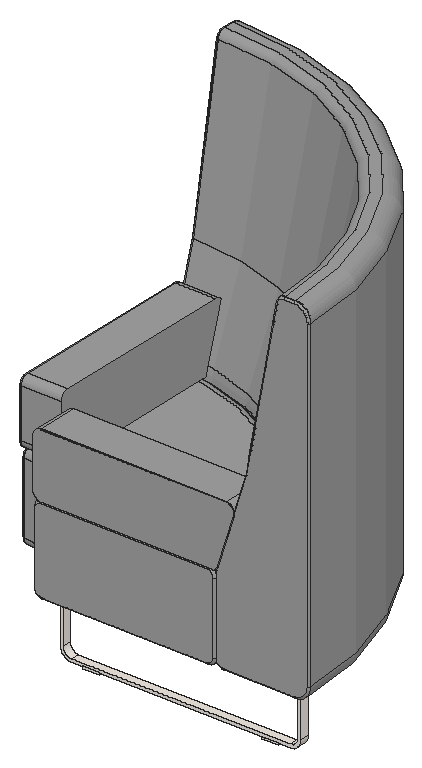
Revit family "Haworth_Riverbend_ConcaveCurve90_EU_PRELIMINARY", category Furniture, Revit 2018 (continued)
Definition of nested family "Haworth_Riverbend_ConcaveBench90_Back-PART"
  Reference planes (cm)
    plane 12 "Leg Bracket - Bottom": z = 17.78
    plane 13 "Leg Bottom - Top of Bottom": z = 1.5875
    plane 14 "Foot - Top of Foot": z = 0.635
    plane 15 "Bench Frame - Inner Concave Tangent Edge No 1": y = -69.2019
    plane 16 "Bench Frame - Inner Concave Tangent Edge No 2": x = -34.3482
    plane 17 "Bench Frame - Outer Concave Tangent Edge No 1": y = 16.7981
    plane 18 "Bench Frame - Outer Concave Tangent Edge No 2": x = 51.6518
    plane 19 "Bench Frame - Center Side No 1": y = -26.2019
    plane 20 "Bench Frame - Center Side No 2": x = 8.6518
    plane 21 "Bench Frame - Straight Edge No 2": y = -86.9819
    plane 22 "Bench Frame - Straight Edge No 1": x = -52.1282
    plane 23 "Left Leg - Back of Leg Bracket": y = 10.1334
    plane 24 "Center Leg - Back of Leg Bracket": through (-139.7206, 138.259, 121.92) normal (0.7071, 0.7071, 0)
    plane 25 "Right Leg - Back of Leg Bracket": x = 44.9871
    plane 26 "Left Leg - Front of Leg Bracket": y = -64.7169
    plane 27 "Right Leg - Front of Leg Bracket": x = -29.8635
    plane 28 "Center Leg - Front of Leg Bracket": through (-8.4793, -41.4757, 121.92) normal (0.7071, 0.7071, 0)
    plane 29: through (-170.5143, 49.6713, 121.92) normal (-0.7071, 0.7071, 0)
    plane 30 "Left - Top of Chamfer Edge": x = -51.4932
    plane 31 "Right - Top of Chamfer Edge": y = -86.3469
    plane 32 "Leg Left - Left of Leg Bracket": x = -48.1694
    plane 33 "Right Left - Right of Leg Bracket": y = -83.0231
    plane 34: through (12.7455, -15.5542, 121.92) normal (0.7071, 0.7071, 0)
    plane 35: y = 4.1009
    plane 36: y = 3.1409
    plane 37: y = -1.9391
    plane 38: y = 9.1809
    plane 39: y = -52.6441
    plane 40: y = -57.7241
    plane 41: y = -58.6841
    plane 42: y = -63.7641
    plane 43: through (-7.7752, -40.8329, 121.92) normal (-0.7071, -0.7071, 0)
    plane 44: through (-4.1831, -37.2408, 121.92) normal (-0.7071, -0.7071, 0)
    plane 45: through (-3.5042, -36.5619, 121.92) normal (-0.7071, -0.7071, 0)
    plane 46: through (0.0879, -32.9698, 121.92) normal (-0.7071, -0.7071, 0)
    plane 47: through (7.2615, -25.7962, 121.92) normal (-0.7071, -0.7071, 0)
    plane 48: through (10.8536, -22.2041, 121.92) normal (-0.7071, -0.7071, 0)
    plane 49: through (11.5324, -21.5253, 121.92) normal (-0.7071, -0.7071, 0)
    plane 50: x = -28.9104
    plane 51: x = -23.8304
    plane 52: x = -22.8704
    plane 53: x = -17.7904
    plane 54: x = 32.9146
    plane 55: x = 37.9946
    plane 56: x = 38.9546
    plane 57: x = 44.0346
    plane 58: x = -45.6294
    plane 59: y = -80.4831
    plane 60: through (15.798, -17.2597, 121.92) normal (-0.7071, 0.7071, 0)
    plane 61: through (17.594, -19.0557, 121.92) normal (-0.7071, 0.7071, 0)
    plane 62: x = -42.1369
    plane 63: through (0.0825, -41.5064, 121.92) normal (0.7071, -0.7071, 0)
    plane 64: y = -76.9906
    plane 65: y = 14.6181
    plane 66: y = -7.2874
    plane 67: y = 14.6181
  Forms (cm)
    Blend 1, solid, material <- "Back Upholstery Finish", visible <- "Mid Back"
      base sketch origin (-84.455, 36.6279, -16.9305) x (0, -1, 0) y (0, 0, 1)
        loop
          arc (27.0098, 97.8505) -> (21.9328, 95.7475) -> (19.8298, 90.6705) r 7.18
          line (19.8298, 90.6705) -> (19.8298, 40.0655)
          arc (19.8298, 40.0655) -> (21.2123, 36.728) -> (24.5498, 35.3455) r 4.72
          line (24.5498, 35.3455) -> (46.5714, 35.3455)
          arc (46.5714, 35.3455) -> (48.3674, 36.0895) -> (49.1114, 37.8855) r 2.54
          line (49.1114, 37.8855) -> (49.1114, 61.7447)
          arc (49.1114, 61.7447) -> (48.8857, 63.6186) -> (48.4326, 65.4509) r 15.413
          line (48.4326, 65.4509) -> (40.0608, 96.0356)
          arc (40.0608, 96.0356) -> (37.8416, 97.3815) -> (35.289, 97.8505) r 7.1806
          line (35.289, 97.8505) -> (27.0098, 97.8505)
      top sketch origin (-84.455, 36.6279, -16.9305) x (0, -1, 0) y (0, 0, 1)
        loop
          line (35.289, 97.2155) -> (27.0098, 97.2155)
          arc (27.0098, 97.2155) -> (22.3818, 95.2985) -> (20.4648, 90.6705) r 6.545
          line (20.4648, 90.6705) -> (20.4648, 40.0655)
          arc (20.4648, 40.0655) -> (21.6613, 37.177) -> (24.5498, 35.9805) r 4.085
          line (24.5498, 35.9805) -> (46.7535, 35.9805)
          arc (46.7535, 35.9805) -> (48.1006, 36.5385) -> (48.6585, 37.8855) r 1.905
          line (48.6585, 37.8855) -> (48.6585, 62.6065) -> (39.4549, 95.7187)
          arc (39.4549, 95.7187) -> (37.5023, 96.83) -> (35.289, 97.2155) r 6.5456
      from -32.9618 to -32.3268
    Blend 2, solid, material <- "Back Upholstery Finish", visible <- "High Back"
      base sketch origin (-155.081, 41.0729, -16.9305) x (0, -1, 0) y (0, 0, 1)
        loop
          line (24.2748, 141.2935) -> (24.2748, 40.0655)
          arc (24.2748, 40.0655) -> (25.6573, 36.728) -> (28.9948, 35.3455) r 4.72
          line (28.9948, 35.3455) -> (51.0164, 35.3455)
          arc (51.0164, 35.3455) -> (52.8124, 36.0895) -> (53.5564, 37.8855) r 2.54
          line (53.5564, 37.8855) -> (53.5564, 61.7447)
          arc (53.5564, 61.7447) -> (53.3307, 63.6186) -> (52.8776, 65.4509) r 15.413
          line (52.8776, 65.4509) -> (44.3782, 92.5723) -> (34.8261, 143.9973)
          arc (34.8261, 143.9973) -> (33.9243, 145.5141) -> (32.2636, 146.1105) r 2.6102
          line (32.2636, 146.1105) -> (29.0918, 146.1105)
          arc (29.0918, 146.1105) -> (25.6857, 144.6996) -> (24.2748, 141.2935) r 4.817
      top sketch origin (-155.081, 41.0729, -16.9305) x (0, -1, 0) y (0, 0, 1)
        loop
          arc (29.0918, 145.4755) -> (26.1347, 144.2506) -> (24.9098, 141.2935) r 4.182
          line (24.9098, 141.2935) -> (24.9098, 40.0655)
          arc (24.9098, 40.0655) -> (26.1063, 37.177) -> (28.9948, 35.9805) r 4.085
          line (28.9948, 35.9805) -> (51.1985, 35.9805)
          arc (51.1985, 35.9805) -> (52.5456, 36.5385) -> (53.1035, 37.8855) r 1.905
          line (53.1035, 37.8855) -> (53.1035, 62.6065) -> (43.7616, 92.4164) -> (34.2027, 143.8764)
          arc (34.2027, 143.8764) -> (33.5203, 145.0242) -> (32.2636, 145.4755) r 1.9752
          line (32.2636, 145.4755) -> (29.0918, 145.4755)
      from -103.5878 to -102.9528
    Revolve 3, solid, material <- "Back Upholstery Finish", visible <- "Mid Back"
      sketch origin (-51.4932, 0, 0) x (0, 1, 0) y (0, 0, 1)
        loop
          arc (16.7981, 73.74) -> (14.6951, 78.817) -> (9.6181, 80.92) r 7.18
          line (9.6181, 80.92) -> (1.3389, 80.92)
          arc (1.3389, 80.92) -> (-1.2138, 80.451) -> (-3.4329, 79.1051) r 7.1806
          line (-3.4329, 79.1051) -> (-11.8047, 48.5204)
          arc (-11.8047, 48.5204) -> (-12.2578, 46.6881) -> (-12.4835, 44.8142) r 15.413
          line (-12.4835, 44.8142) -> (-12.4835, 20.955)
          arc (-12.4835, 20.955) -> (-11.7396, 19.1589) -> (-9.9435, 18.415) r 2.54
          line (-9.9435, 18.415) -> (12.0781, 18.415)
          arc (12.0781, 18.415) -> (15.4156, 19.7975) -> (16.7981, 23.135) r 4.72
          line (16.7981, 23.135) -> (16.7981, 73.74)
        axis (-86.3469, 80.92) -> (-86.3469, 18.415)
      angle from 0 to -90
    Blend 4, solid, material <- "Back Upholstery Finish", visible <- "Mid Back"
      base sketch origin (71.4816, -119.3087, -16.9305) x (-1, 0, 0) y (0, 0, -1)
        loop
          line (27.0098, -97.8505) -> (35.289, -97.8505)
          arc (35.289, -97.8505) -> (37.8416, -97.3815) -> (40.0608, -96.0356) r 7.1806
          line (40.0608, -96.0356) -> (48.4326, -65.4509)
          arc (48.4326, -65.4509) -> (48.8857, -63.6186) -> (49.1114, -61.7447) r 15.413
          line (49.1114, -61.7447) -> (49.1114, -37.8855)
          arc (49.1114, -37.8855) -> (48.3674, -36.0895) -> (46.5714, -35.3455) r 2.54
          line (46.5714, -35.3455) -> (24.5498, -35.3455)
          arc (24.5498, -35.3455) -> (21.2123, -36.728) -> (19.8298, -40.0655) r 4.72
          line (19.8298, -40.0655) -> (19.8298, -90.6705)
          arc (19.8298, -90.6705) -> (21.9328, -95.7475) -> (27.0098, -97.8505) r 7.18
      top sketch origin (71.4816, -119.3087, -16.9305) x (-1, 0, 0) y (0, 0, -1)
        loop
          arc (35.289, -97.2155) -> (37.5023, -96.83) -> (39.4549, -95.7187) r 6.5456
          line (39.4549, -95.7187) -> (48.6585, -62.6065) -> (48.6585, -37.8855)
          arc (48.6585, -37.8855) -> (48.1006, -36.5385) -> (46.7535, -35.9805) r 1.905
          line (46.7535, -35.9805) -> (24.5498, -35.9805)
          arc (24.5498, -35.9805) -> (21.6613, -37.177) -> (20.4648, -40.0655) r 4.085
          line (20.4648, -40.0655) -> (20.4648, -90.6705)
          arc (20.4648, -90.6705) -> (22.3818, -95.2985) -> (27.0098, -97.2155) r 6.545
          line (27.0098, -97.2155) -> (35.289, -97.2155)
      from -32.9618 to -32.3268
    Revolve 5, solid, material <- "Back Upholstery Finish", visible <- "High Back"
      sketch origin (-51.4932, 0, 0) x (0, 1, 0) y (0, 0, 1)
        loop
          arc (16.7981, 124.363) -> (15.3872, 127.7691) -> (11.9811, 129.18) r 4.817
          line (11.9811, 129.18) -> (8.8093, 129.18)
          arc (8.8093, 129.18) -> (7.1486, 128.5836) -> (6.2468, 127.0668) r 2.6102
          line (6.2468, 127.0668) -> (-3.3054, 75.6418) -> (-11.8047, 48.5204)
          arc (-11.8047, 48.5204) -> (-12.2578, 46.6881) -> (-12.4835, 44.8142) r 15.413
          line (-12.4835, 44.8142) -> (-12.4835, 20.955)
          arc (-12.4835, 20.955) -> (-11.7396, 19.1589) -> (-9.9435, 18.415) r 2.54
          line (-9.9435, 18.415) -> (12.0781, 18.415)
          arc (12.0781, 18.415) -> (15.4156, 19.7975) -> (16.7981, 23.135) r 4.72
          line (16.7981, 23.135) -> (16.7981, 124.363)
        axis (-86.3469, 129.18) -> (-86.3469, 18.415)
      angle from 0 to -90
    Blend 6, solid, material <- "Back Upholstery Finish", visible <- "High Back"
      base sketch origin (75.9266, -189.9347, -16.9305) x (-1, 0, 0) y (0, 0, -1)
        loop
          arc (24.2748, -141.2935) -> (25.6857, -144.6996) -> (29.0918, -146.1105) r 4.817
          line (29.0918, -146.1105) -> (32.2636, -146.1105)
          arc (32.2636, -146.1105) -> (33.9243, -145.5141) -> (34.8261, -143.9973) r 2.6102
          line (34.8261, -143.9973) -> (44.3782, -92.5723) -> (52.8776, -65.4509)
          arc (52.8776, -65.4509) -> (53.3307, -63.6186) -> (53.5564, -61.7447) r 15.413
          line (53.5564, -61.7447) -> (53.5564, -37.8855)
          arc (53.5564, -37.8855) -> (52.8124, -36.0895) -> (51.0164, -35.3455) r 2.54
          line (51.0164, -35.3455) -> (28.9948, -35.3455)
          arc (28.9948, -35.3455) -> (25.6573, -36.728) -> (24.2748, -40.0655) r 4.72
          line (24.2748, -40.0655) -> (24.2748, -141.2935)
      top sketch origin (75.9266, -189.9347, -16.9305) x (-1, 0, 0) y (0, 0, -1)
        loop
          line (29.0918, -145.4755) -> (32.2636, -145.4755)
          arc (32.2636, -145.4755) -> (33.5203, -145.0242) -> (34.2027, -143.8764) r 1.9752
          line (34.2027, -143.8764) -> (43.7616, -92.4164) -> (53.1035, -62.6065) -> (53.1035, -37.8855)
          arc (53.1035, -37.8855) -> (52.5456, -36.5385) -> (51.1985, -35.9805) r 1.905
          line (51.1985, -35.9805) -> (28.9948, -35.9805)
          arc (28.9948, -35.9805) -> (26.1063, -37.177) -> (24.9098, -40.0655) r 4.085
          line (24.9098, -40.0655) -> (24.9098, -141.2935)
          arc (24.9098, -141.2935) -> (26.1347, -144.2506) -> (29.0918, -145.4755) r 4.182
      from -103.5878 to -102.9528
  Lines and regions (cm)
    Masking region 1
      outline origin (0, 0, 45.72) x (-1, 0, 0) y (0, -1, 0)
        loop
          line (-22.3675, 86.9819) -> (-51.6498, 86.9819)
          arc (-51.6498, 86.9819) -> (-21.254, 13.5998) -> (52.1282, -16.7961) r 103.778
          line (52.1282, -16.7961) -> (52.1282, 12.4863)
          arc (52.1282, 12.4863) -> (-0.7361, 34.1176) -> (-22.3675, 86.9819) r 73.8634
    symbolic lines, visible <- "Symbolic Line Controller", detail levels medium+fine
      curve 1: arc (22.3702, -86.3469, 45.72) -> (0.7361, -34.1176, 45.72) -> (-51.4932, -12.4835, 45.72) r 73.8634
  Dimensions and locks (cm)
    "Actual Width": plane 4 "Left" to plane 5 "Right"
    locked: plane 8 "Top" to plane 9 "Top - Bottom of Chamfer Edge" at 0.635
    locked: plane 11 "Bottom - Top of Chamfer Edge" to plane 10 "Frame Bottom" at 0.635
    plane 8 "Top" to plane 10 "Frame Bottom" = 27.305 cm
    "Actual Height": plane 8 "Top" to plane 2 "Bottom"
    plane 8 "Top" to plane 2 "Bottom" = 45.72 cm
    "Width Straight Edge": plane 16 "Bench Frame - Inner Concave Tangent Edge No 2" to plane 18 "Bench Frame - Outer Concave Tangent Edge No 2"
    "Width Straight Edge": plane 17 "Bench Frame - Outer Concave Tangent Edge No 1" to plane 15 "Bench Frame - Inner Concave Tangent Edge No 1"
    equal spacing: plane 17 "Bench Frame - Outer Concave Tangent Edge No 1", plane 19 "Bench Frame - Center Side No 1", plane 15 "Bench Frame - Inner Concave Tangent Edge No 1"
    equal spacing: plane 16 "Bench Frame - Inner Concave Tangent Edge No 2", plane 20 "Bench Frame - Center Side No 2", plane 18 "Bench Frame - Outer Concave Tangent Edge No 2"
    plane 15 "Bench Frame - Inner Concave Tangent Edge No 1" to plane 21 "Bench Frame - Straight Edge No 2" = 17.78 cm
    plane 22 "Bench Frame - Straight Edge No 1" to plane 16 "Bench Frame - Inner Concave Tangent Edge No 2" = 17.78 cm
    plane 22 "Bench Frame - Straight Edge No 1" to plane 30 "Left - Top of Chamfer Edge" = 0.635 cm
    plane 31 "Right - Top of Chamfer Edge" to plane 21 "Bench Frame - Straight Edge No 2" = 0.635 cm
    plane 24 "Center Leg - Back of Leg Bracket" to plane 28 "Center Leg - Front of Leg Bracket" = 34.29 cm
    plane 16 "Bench Frame - Inner Concave Tangent Edge No 2" to plane 18 "Bench Frame - Outer Concave Tangent Edge No 2" = 86 cm
    aligned and locked: plane 30 "Left - Top of Chamfer Edge" to Blend 1
    aligned and locked: Blend 1 to plane 22 "Bench Frame - Straight Edge No 1"
    aligned and locked: plane 30 "Left - Top of Chamfer Edge" to Blend 2
  Automatic sketch dimensions
    Blend 2 sketch curve to plane 17 "Bench Frame - Outer Concave Tangent Edge No 1" = 0 cm
    Blend 2 sketch curve to plane 10 "Frame Bottom" = 0 cm
    plane 11 "Bottom - Top of Chamfer Edge" to Blend 2 sketch curve = 4.085 cm
    plane 23 "Left Leg - Back of Leg Bracket" to Blend 2 sketch curve = 1.8477 cm  (x2)
    plane 38 to Blend 2 sketch curve = 0.3716 cm  (x2)
    Blend 2 sketch curve to plane 35 = 2.1459 cm
    plane 36 to Blend 2 sketch curve = 0.2379 cm
    plane 37 to Blend 2 sketch curve = 1.3663 cm
    Blend 2 sketch curve to plane 66 = 2.6561 cm
    plane 8 "Top" to Blend 2 sketch curve = 2.8004 cm
    Blend 2 sketch curve to plane 66 = 4.5173 cm
    plane 10 "Frame Bottom" to Blend 2 sketch curve = 2.54 cm
    Blend 2 sketch curve to plane 9 "Top - Bottom of Chamfer Edge" = 1.1737 cm
    Blend 2 sketch curve to Blend 2 sketch curve = 27.1214 cm
    Blend 2 sketch curve to Blend 2 sketch curve = 48.7212 cm
    Blend 2 sketch curve to Blend 2 sketch curve = 2.6102 cm
    Blend 2 sketch curve to plane 11 "Bottom - Top of Chamfer Edge" = 0 cm
    Blend 2 sketch curve to plane 17 "Bench Frame - Outer Concave Tangent Edge No 1" = 0.635 cm
    plane 23 "Left Leg - Back of Leg Bracket" to Blend 2 sketch curve = 1.9447 cm
    Blend 2 sketch curve to Blend 2 sketch curve = 1.9391 cm
    plane 37 to Blend 2 sketch curve = 0.7497 cm
    Blend 2 sketch curve to plane 66 = 2.8383 cm
    Blend 2 sketch curve to plane 8 "Top" = 0.0441 cm
    Blend 2 sketch curve to plane 66 = 4.7433 cm
    plane 8 "Top" to Blend 2 sketch curve = 29.7659 cm
    Blend 2 sketch curve to Blend 2 sketch curve = 48.8771 cm
    Blend 2 sketch curve to Blend 2 sketch curve = 1.9752 cm
    Revolve 5 sketch curve to plane 31 "Right - Top of Chamfer Edge" = 0 cm
    Revolve 5 sketch curve to plane 10 "Frame Bottom" = 0 cm
    Revolve 5 sketch curve to plane 17 "Bench Frame - Outer Concave Tangent Edge No 1" = 0 cm
    plane 11 "Bottom - Top of Chamfer Edge" to Revolve 5 sketch curve = 1.905 cm
    Revolve 5 sketch curve to plane 66 = 5.1961 cm
    plane 8 "Top" to Revolve 5 sketch curve = 2.8004 cm
    Revolve 5 sketch curve to Revolve 5 sketch curve = 0.6788 cm
    plane 37 to Revolve 5 sketch curve = 1.3663 cm
    plane 36 to Revolve 5 sketch curve = 0.2379 cm
    Revolve 5 sketch curve to plane 35 = 2.1459 cm
    plane 38 to Revolve 5 sketch curve = 0.3716 cm
    plane 23 "Left Leg - Back of Leg Bracket" to Revolve 5 sketch curve = 1.8477 cm
    plane 23 "Left Leg - Back of Leg Bracket" to Revolve 5 sketch curve = 1.9447 cm
    Revolve 5 sketch curve to plane 9 "Top - Bottom of Chamfer Edge" = 1.1737 cm
    Revolve 5 sketch curve to Revolve 5 sketch curve = 27.1214 cm
    Revolve 5 sketch curve to Revolve 5 sketch curve = 48.7212 cm
    Revolve 5 sketch curve to Revolve 5 sketch curve = 2.6102 cm
    plane 8 "Top" to Revolve 5 sketch curve = 42.545 cm
    Revolve 5 sketch curve to Revolve 5 sketch curve = 8.89 cm
    Blend 6 sketch curve to plane 18 "Bench Frame - Outer Concave Tangent Edge No 2" = 0 cm
    Blend 6 sketch curve to plane 10 "Frame Bottom" = 0 cm
    plane 11 "Bottom - Top of Chamfer Edge" to Blend 6 sketch curve = 4.085 cm
    plane 25 "Right Leg - Back of Leg Bracket" to Blend 6 sketch curve = 1.8477 cm  (x2)
    plane 57 to Blend 6 sketch curve = 0.3716 cm  (x2)
    Blend 6 sketch curve to plane 56 = 2.1459 cm
    plane 55 to Blend 6 sketch curve = 0.2379 cm
    plane 54 to Blend 6 sketch curve = 1.3663 cm
    plane 54 to Blend 6 sketch curve = 8.0044 cm
    plane 8 "Top" to Blend 6 sketch curve = 2.8004 cm
    plane 54 to Blend 6 sketch curve = 9.8656 cm
    Blend 6 sketch curve to Blend 6 sketch curve = 2.54 cm
    Blend 6 sketch curve to Blend 6 sketch curve = 27.1214 cm
    Blend 6 sketch curve to Blend 6 sketch curve = 48.7212 cm
    Blend 6 sketch curve to Blend 6 sketch curve = 2.6102 cm
    Blend 6 sketch curve to plane 9 "Top - Bottom of Chamfer Edge" = 0.2708 cm
    Blend 6 sketch curve to plane 11 "Bottom - Top of Chamfer Edge" = 0 cm
    Blend 6 sketch curve to plane 18 "Bench Frame - Outer Concave Tangent Edge No 2" = 0.635 cm
    plane 25 "Right Leg - Back of Leg Bracket" to Blend 6 sketch curve = 1.9447 cm
    Blend 6 sketch curve to Blend 6 sketch curve = 1.9391 cm
    plane 54 to Blend 6 sketch curve = 0.7497 cm
    plane 54 to Blend 6 sketch curve = 8.1865 cm
    Blend 6 sketch curve to plane 8 "Top" = 0.0441 cm
    plane 54 to Blend 6 sketch curve = 10.0915 cm
    plane 8 "Top" to Blend 6 sketch curve = 29.7659 cm
    Blend 6 sketch curve to Blend 6 sketch curve = 48.8771 cm
    Blend 6 sketch curve to Blend 6 sketch curve = 1.9752 cm
    plane 54 to curve 1 = 10.5444 cm
    Blend 4 sketch curve to plane 18 "Bench Frame - Outer Concave Tangent Edge No 2" = 0 cm
    Blend 4 sketch curve to plane 10 "Frame Bottom" = 0 cm
    plane 25 "Right Leg - Back of Leg Bracket" to Blend 4 sketch curve = 1.9447 cm  (x2)
    Blend 4 sketch curve to plane 57 = 0.4372 cm  (x2)
    plane 55 to Blend 4 sketch curve = 0.2379 cm
    plane 54 to Blend 4 sketch curve = 8.0044 cm
    plane 8 "Top" to Blend 4 sketch curve = 2.8004 cm
    plane 54 to Blend 4 sketch curve = 9.8656 cm
    plane 10 "Frame Bottom" to Blend 4 sketch curve = 2.54 cm
    plane 8 "Top" to Blend 4 sketch curve = 28.0194 cm  (x2)
    Blend 4 sketch curve to Blend 4 sketch curve = 0.0006 cm  (x2)
    Blend 4 sketch curve to plane 9 "Top - Bottom of Chamfer Edge" = 0.2708 cm
    plane 54 to Blend 4 sketch curve = 1.4938 cm
    Blend 4 sketch curve to plane 54 = 3.278 cm  (x2)
    Blend 4 sketch curve to plane 18 "Bench Frame - Outer Concave Tangent Edge No 2" = 0.635 cm
    plane 11 "Bottom - Top of Chamfer Edge" to Blend 4 sketch curve = 1.905 cm
    plane 54 to Blend 4 sketch curve = 8.1865 cm
    Blend 4 sketch curve to plane 8 "Top" = 0.0441 cm
    plane 54 to Blend 4 sketch curve = 0.8879 cm
    Revolve 3 sketch curve to plane 31 "Right - Top of Chamfer Edge" = 0 cm
    Revolve 3 sketch curve to plane 10 "Frame Bottom" = 0 cm
    Revolve 3 sketch curve to plane 17 "Bench Frame - Outer Concave Tangent Edge No 1" = 0 cm
    Revolve 3 sketch curve to plane 9 "Top - Bottom of Chamfer Edge" = 0.2708 cm
    Revolve 3 sketch curve to plane 66 = 5.1961 cm
    plane 8 "Top" to Revolve 3 sketch curve = 2.8004 cm
    Revolve 3 sketch curve to Revolve 3 sketch curve = 0.6788 cm
    plane 11 "Bottom - Top of Chamfer Edge" to Revolve 3 sketch curve = 1.905 cm
    plane 36 to Revolve 3 sketch curve = 0.2379 cm
    Revolve 3 sketch curve to plane 38 = 0.4372 cm
    plane 11 "Bottom - Top of Chamfer Edge" to Revolve 3 sketch curve = 4.085 cm
    plane 8 "Top" to Revolve 3 sketch curve = 28.0194 cm
    Revolve 3 sketch curve to Revolve 3 sketch curve = 0.0006 cm
    plane 37 to Revolve 3 sketch curve = 1.4938 cm
    plane 8 "Top" to Revolve 3 sketch curve = 1.27 cm
    Revolve 3 sketch curve to Revolve 3 sketch curve = 4.445 cm
    plane 35 to Revolve 3 sketch curve = 2.762 cm
    Blend 1 sketch curve to plane 17 "Bench Frame - Outer Concave Tangent Edge No 1" = 0 cm
    Blend 1 sketch curve to plane 10 "Frame Bottom" = 0 cm
    plane 23 "Left Leg - Back of Leg Bracket" to Blend 1 sketch curve = 1.9447 cm
    Blend 1 sketch curve to plane 38 = 0.4372 cm  (x2)
    plane 36 to Blend 1 sketch curve = 0.2379 cm
    Blend 1 sketch curve to plane 66 = 2.6561 cm
    Blend 1 sketch curve to plane 66 = 4.5173 cm
    plane 10 "Frame Bottom" to Blend 1 sketch curve = 2.54 cm
    Blend 1 sketch curve to plane 9 "Top - Bottom of Chamfer Edge" = 1.1737 cm
    Blend 1 sketch curve to plane 9 "Top - Bottom of Chamfer Edge" = 0.2708 cm
    plane 8 "Top" to Blend 1 sketch curve = 28.0194 cm  (x2)
    Blend 1 sketch curve to Blend 1 sketch curve = 0.0006 cm  (x2)
    plane 37 to Blend 1 sketch curve = 1.4938 cm
    plane 35 to Blend 1 sketch curve = 2.762 cm  (x2)
    Blend 1 sketch curve to plane 11 "Bottom - Top of Chamfer Edge" = 0 cm
    Blend 1 sketch curve to plane 17 "Bench Frame - Outer Concave Tangent Edge No 1" = 0.635 cm
    Blend 1 sketch curve to Blend 1 sketch curve = 4.085 cm
    Blend 1 sketch curve to plane 66 = 2.8383 cm
    Blend 1 sketch curve to plane 8 "Top" = 0.0441 cm
    Blend 1 sketch curve to plane 66 = 4.7433 cm
    plane 37 to Blend 1 sketch curve = 0.8879 cm
    curve 1 to plane 30 "Left - Top of Chamfer Edge" = 0 cm
    curve 1 to plane 31 "Right - Top of Chamfer Edge" = 0 cm
    Masking region 1 sketch curve to plane 21 "Bench Frame - Straight Edge No 2" = 0 cm
    plane 3 "Center L/R" to Masking region 1 sketch curve = 0 cm
    Masking region 1 sketch curve to plane 30 "Left - Top of Chamfer Edge" = 0 cm
    Masking region 1 sketch curve to plane 22 "Bench Frame - Straight Edge No 1" = 0 cm
    plane 54 to Masking region 1 sketch curve = 10.5471 cm
    Masking region 1 sketch curve to plane 17 "Bench Frame - Outer Concave Tangent Edge No 1" = 0.002 cm
    Blend 4 sketch curve to plane 11 "Bottom - Top of Chamfer Edge" = 0 cm
Definition of nested family "Haworth_Riverbend_ConcaveBench90_Large_Seat-PART"
  Parameters (values of type "Large Seat - PART")
    Width Straight Edge = 90 cm  # constant formula
    Warranty = "http://www.haworth.com/resources/product-info/warranties"
    URL - Product = "http://www.haworth.com/products/seating/sofas/riverbend-pebble"
    Trim Finish [instance] = none
    Symbolic Line Controller = not(No Back)  # no
    Seat Upholstery Finish [instance] = none
    No Back = yes
    Mid Back = yes
    Model = "Haworth - Riverbend"  # constant formula
    High Back = yes
    Description = "Haworth - Riverbend - Concave Bench 90 Degree - Seat - PART"  # constant formula
    URL = "http://www.haworth.com"
    Size = "Verify Final Dim. w/ Haworth"  # constant formula
    Revision Number = "1"  # constant formula
    Manufacturer = "Haworth"  # constant formula
    Depth = 83.82 cm  # constant formula
    Back Upholstery Finish [instance] = none
    Author = "Haworth (Bentzen, Abd Rahman)"  # constant formula
    Assembly Code = "E2020200"
    Actual Width = 143 cm  # constant formula
    Actual Height = 45.72 cm
  Reference planes (cm)
    plane 1 "Center F/B": through (-20.2604, -33.9808, 0) normal (-0.7071, -0.7071, 0)
    plane 2 "Bottom": z = 0
    plane 3 "Center L/R": through (5.5102, -29.3435, 0) normal (0.7071, -0.7071, 0)
    plane 4 "Left": through (-116.505, -50.3938, 121.92) normal (-0.7071, 0.7071, 0)
    plane 5 "Right": through (124.5903, -11.5309, 121.92) normal (0.7071, -0.7071, 0)
    plane 6 "Frame Back": through (-73.6346, 78.6631, 121.92) normal (0.7071, 0.7071, 0)
    plane 7 "Chair Front": through (-138.4552, 17.76, 121.92) normal (0.7071, 0.7071, 0)
    plane 8 "Top": z = 45.72
    plane 9 "Top - Bottom of Chamfer Edge": z = 45.085
    plane 10 "Frame Bottom": z = 18.415
    plane 11 "Bottom - Top of Chamfer Edge": z = 19.05
    plane 12 "Leg Bracket - Bottom": z = 17.78
    plane 13 "Leg Bottom - Top of Bottom": z = 1.5875
    plane 14 "Foot - Top of Foot": z = 0.635
    plane 15 "Bench Frame - Inner Concave Tangent Edge No 1": y = -69.2019
    plane 16 "Bench Frame - Inner Concave Tangent Edge No 2": x = -34.3482
    plane 17 "Bench Frame - Outer Concave Tangent Edge No 1": y = 20.7981
    plane 18 "Bench Frame - Outer Concave Tangent Edge No 2": x = 55.6518
    plane 19 "Bench Frame - Center Side No 1": y = -24.2019
    plane 20 "Bench Frame - Center Side No 2": x = 10.6518
    plane 21 "Bench Frame - Straight Edge No 2": y = -86.9819
    plane 22 "Bench Frame - Straight Edge No 1": x = -52.1282
    plane 23 "Left Leg - Back of Leg Bracket": y = 10.1334
    plane 24 "Center Leg - Back of Leg Bracket": through (-139.7206, 138.259, 121.92) normal (0.7071, 0.7071, 0)
    plane 25 "Right Leg - Back of Leg Bracket": x = 44.9871
    plane 26 "Left Leg - Front of Leg Bracket": y = -64.7169
    plane 27 "Right Leg - Front of Leg Bracket": x = -29.8635
    plane 28 "Center Leg - Front of Leg Bracket": through (-8.4793, -41.4757, 121.92) normal (0.7071, 0.7071, 0)
    plane 29: through (-170.5143, 49.6713, 121.92) normal (-0.7071, 0.7071, 0)
    plane 30 "Left - Top of Chamfer Edge": x = -51.4932
    plane 31 "Right - Top of Chamfer Edge": y = -86.3469
    plane 32 "Leg Left - Left of Leg Bracket": x = -48.1694
    plane 33 "Right Left - Right of Leg Bracket": y = -83.0231
    plane 34: through (12.7455, -15.5542, 121.92) normal (0.7071, 0.7071, 0)
    plane 35: y = 4.1009
    plane 36: y = 3.1409
    plane 37: y = -1.9391
    plane 38: y = 9.1809
    plane 39: y = -52.6441
    plane 40: y = -57.7241
    plane 41: y = -58.6841
    plane 42: y = -63.7641
    plane 43: through (-7.7752, -40.8329, 121.92) normal (-0.7071, -0.7071, 0)
    plane 44: through (-4.1831, -37.2408, 121.92) normal (-0.7071, -0.7071, 0)
    plane 45: through (-3.5042, -36.5619, 121.92) normal (-0.7071, -0.7071, 0)
    plane 46: through (0.0879, -32.9698, 121.92) normal (-0.7071, -0.7071, 0)
    plane 47: through (7.2615, -25.7962, 121.92) normal (-0.7071, -0.7071, 0)
    plane 48: through (10.8536, -22.2041, 121.92) normal (-0.7071, -0.7071, 0)
    plane 49: through (11.5324, -21.5253, 121.92) normal (-0.7071, -0.7071, 0)
    plane 50: x = -28.9104
    plane 51: x = -23.8304
    plane 52: x = -22.8704
    plane 53: x = -17.7904
    plane 54: x = 32.9146
    plane 55: x = 37.9946
    plane 56: x = 38.9546
    plane 57: x = 44.0346
    plane 58: x = -45.6294
    plane 59: y = -80.4831
    plane 60: through (15.798, -17.2597, 121.92) normal (-0.7071, 0.7071, 0)
    plane 61: through (17.594, -19.0557, 121.92) normal (-0.7071, 0.7071, 0)
    plane 62: x = -42.1369
    plane 63: through (0.0825, -41.5064, 121.92) normal (0.7071, -0.7071, 0)
    plane 64: y = -76.9906
    plane 65: y = 14.6181
    plane 66: y = -7.2874
    plane 67: y = 14.6181
  Forms (cm)
    Blend 1, solid, material <- "Seat Upholstery Finish", visible <- "No Back"
      base sketch origin (10.4632, -86.9819, 0) x (1, 0, 0) y (0, 0, 1)
        loop
          arc (-42.2714, 45.085) -> (-43.6184, 44.527) -> (-44.1764, 43.18) r 1.905
          line (-44.1764, 43.18) -> (-44.1764, 20.955)
          arc (-44.1764, 20.955) -> (-43.6184, 19.608) -> (-42.2714, 19.05) r 1.905
          line (-42.2714, 19.05) -> (36.4686, 19.05)
          arc (36.4686, 19.05) -> (42.1856, 21.418) -> (44.5536, 27.135) r 8.085
          line (44.5536, 27.135) -> (44.5536, 37)
          arc (44.5536, 37) -> (42.1856, 42.717) -> (36.4686, 45.085) r 8.085
          line (36.4686, 45.085) -> (-42.2714, 45.085)
      top sketch origin (10.4632, -86.9819, 0) x (1, 0, 0) y (0, 0, 1)
        loop
          arc (-42.2714, 45.72) -> (-44.0675, 44.9761) -> (-44.8114, 43.18) r 2.54
          line (-44.8114, 43.18) -> (-44.8114, 20.955)
          arc (-44.8114, 20.955) -> (-44.0675, 19.1589) -> (-42.2714, 18.415) r 2.54
          line (-42.2714, 18.415) -> (36.4686, 18.415)
          arc (36.4686, 18.415) -> (42.6346, 20.969) -> (45.1886, 27.135) r 8.72
          line (45.1886, 27.135) -> (45.1886, 37)
          arc (45.1886, 37) -> (42.6346, 43.166) -> (36.4686, 45.72) r 8.72
          line (36.4686, 45.72) -> (-42.2714, 45.72)
      from 0 to -0.635
    Revolve 2, solid, material <- "Seat Upholstery Finish", visible <- "No Back"
      sketch origin (-238.125, -86.3469, 0) x (-1, 0, 0) y (0, 0, 1)
        loop
          arc (-203.7768, 43.18) -> (-204.5207, 44.9761) -> (-206.3168, 45.72) r 2.54
          line (-206.3168, 45.72) -> (-285.0568, 45.72)
          arc (-285.0568, 45.72) -> (-291.2228, 43.166) -> (-293.7768, 37) r 8.72
          line (-293.7768, 37) -> (-293.7768, 27.135)
          arc (-293.7768, 27.135) -> (-291.2228, 20.969) -> (-285.0568, 18.415) r 8.72
          line (-285.0568, 18.415) -> (-206.3168, 18.415)
          arc (-206.3168, 18.415) -> (-204.5207, 19.1589) -> (-203.7768, 20.955) r 2.54
          line (-203.7768, 20.955) -> (-203.7768, 43.18)
        axis (-186.6318, 45.72) -> (-186.6318, 18.415)
      angle from 270 to 360
    Blend 3, solid, material <- "Seat Upholstery Finish", visible <- "Symbolic Line Controller"
      base sketch origin (-52.1282, -57.2949, 0) x (0, -1, 0) y (0, 0, 1)
        loop
          arc (-42.2714, 45.085) -> (-43.6184, 44.527) -> (-44.1764, 43.18) r 1.905
          line (-44.1764, 43.18) -> (-44.1764, 20.955)
          arc (-44.1764, 20.955) -> (-43.6184, 19.608) -> (-42.2714, 19.05) r 1.905
          line (-42.2714, 19.05) -> (9.367, 19.05)
          arc (9.367, 19.05) -> (10.714, 19.608) -> (11.272, 20.955) r 1.905
          line (11.272, 20.955) -> (11.272, 43.18)
          arc (11.272, 43.18) -> (10.714, 44.527) -> (9.367, 45.085) r 1.905
          line (9.367, 45.085) -> (-42.2714, 45.085)
      top sketch origin (-52.1282, -57.2949, 0) x (0, -1, 0) y (0, 0, 1)
        loop
          arc (-42.2714, 45.72) -> (-44.0675, 44.9761) -> (-44.8114, 43.18) r 2.54
          line (-44.8114, 43.18) -> (-44.8114, 20.955)
          arc (-44.8114, 20.955) -> (-44.0675, 19.1589) -> (-42.2714, 18.415) r 2.54
          line (-42.2714, 18.415) -> (9.367, 18.415)
          arc (9.367, 18.415) -> (11.163, 19.1589) -> (11.907, 20.955) r 2.54
          line (11.907, 20.955) -> (11.907, 43.18)
          arc (11.907, 43.18) -> (11.163, 44.9761) -> (9.367, 45.72) r 2.54
          line (9.367, 45.72) -> (-42.2714, 45.72)
      from 0 to -0.635
    Revolve 4, solid, material <- "Seat Upholstery Finish", visible <- "Symbolic Line Controller"
      sketch origin (-238.125, -86.3469, 0) x (-1, 0, 0) y (0, 0, 1)
        loop
          arc (-203.7768, 43.18) -> (-204.5207, 44.9761) -> (-206.3168, 45.72) r 2.54
          line (-206.3168, 45.72) -> (-257.9552, 45.72)
          arc (-257.9552, 45.72) -> (-259.7512, 44.9761) -> (-260.4952, 43.18) r 2.54
          line (-260.4952, 43.18) -> (-260.4952, 20.955)
          arc (-260.4952, 20.955) -> (-259.7512, 19.1589) -> (-257.9552, 18.415) r 2.54
          line (-257.9552, 18.415) -> (-206.3168, 18.415)
          arc (-206.3168, 18.415) -> (-204.5207, 19.1589) -> (-203.7768, 20.955) r 2.54
          line (-203.7768, 20.955) -> (-203.7768, 43.18)
        axis (-186.6318, 45.72) -> (-186.6318, 18.415)
      angle from 270 to 360
    Blend 5, solid, material <- "Seat Upholstery Finish", visible <- "No Back"
      base sketch origin (-52.1282, -24.3905, 0) x (0, 1, 0) y (0, 0, -1)
        loop
          line (-42.2714, -45.085) -> (36.4686, -45.085)
          arc (36.4686, -45.085) -> (42.1856, -42.717) -> (44.5536, -37) r 8.085
          line (44.5536, -37) -> (44.5536, -27.135)
          arc (44.5536, -27.135) -> (42.1856, -21.418) -> (36.4686, -19.05) r 8.085
          line (36.4686, -19.05) -> (-42.2714, -19.05)
          arc (-42.2714, -19.05) -> (-43.6184, -19.608) -> (-44.1764, -20.955) r 1.905
          line (-44.1764, -20.955) -> (-44.1764, -43.18)
          arc (-44.1764, -43.18) -> (-43.6184, -44.527) -> (-42.2714, -45.085) r 1.905
      top sketch origin (-52.1282, -24.3905, 0) x (0, 1, 0) y (0, 0, -1)
        loop
          line (-42.2714, -45.72) -> (36.4686, -45.72)
          arc (36.4686, -45.72) -> (42.6346, -43.166) -> (45.1886, -37) r 8.72
          line (45.1886, -37) -> (45.1886, -27.135)
          arc (45.1886, -27.135) -> (42.6346, -20.969) -> (36.4686, -18.415) r 8.72
          line (36.4686, -18.415) -> (-42.2714, -18.415)
          arc (-42.2714, -18.415) -> (-44.0675, -19.1589) -> (-44.8114, -20.955) r 2.54
          line (-44.8114, -20.955) -> (-44.8114, -43.18)
          arc (-44.8114, -43.18) -> (-44.0675, -44.9761) -> (-42.2714, -45.72) r 2.54
      from 0 to -0.635
    Blend 6, solid, material <- "Seat Upholstery Finish", visible <- "Symbolic Line Controller"
      base sketch origin (-22.4412, -86.9819, 0) x (-1, 0, 0) y (0, 0, -1)
        loop
          line (-42.2714, -45.085) -> (9.367, -45.085)
          arc (9.367, -45.085) -> (10.714, -44.527) -> (11.272, -43.18) r 1.905
          line (11.272, -43.18) -> (11.272, -20.955)
          arc (11.272, -20.955) -> (10.714, -19.608) -> (9.367, -19.05) r 1.905
          line (9.367, -19.05) -> (-42.2714, -19.05)
          arc (-42.2714, -19.05) -> (-43.6184, -19.608) -> (-44.1764, -20.955) r 1.905
          line (-44.1764, -20.955) -> (-44.1764, -43.18)
          arc (-44.1764, -43.18) -> (-43.6184, -44.527) -> (-42.2714, -45.085) r 1.905
      top sketch origin (-22.4412, -86.9819, 0) x (-1, 0, 0) y (0, 0, -1)
        loop
          line (-42.2714, -45.72) -> (9.367, -45.72)
          arc (9.367, -45.72) -> (11.163, -44.9761) -> (11.907, -43.18) r 2.54
          line (11.907, -43.18) -> (11.907, -20.955)
          arc (11.907, -20.955) -> (11.163, -19.1589) -> (9.367, -18.415) r 2.54
          line (9.367, -18.415) -> (-42.2714, -18.415)
          arc (-42.2714, -18.415) -> (-44.0675, -19.1589) -> (-44.8114, -20.955) r 2.54
          line (-44.8114, -20.955) -> (-44.8114, -43.18)
          arc (-44.8114, -43.18) -> (-44.0675, -44.9761) -> (-42.2714, -45.72) r 2.54
      from 0 to -0.635
  Lines and regions (cm)
    Masking region 1
      outline origin (0, 0, 45.72) x (-1, 0, 0) y (0, -1, 0)
        loop
          line (52.1282, -20.7981) -> (52.1282, 69.2019)
          arc (52.1282, 69.2019) -> (39.5558, 74.4096) -> (34.3482, 86.9819) r 17.78
          line (34.3482, 86.9819) -> (-55.6518, 86.9819)
          arc (-55.6518, 86.9819) -> (-24.0838, 10.77) -> (52.1282, -20.7981) r 107.78
    symbolic lines, visible <- "Symbolic Line Controller", detail levels medium+fine
      curve 1: arc (22.3702, -86.3469, 45.72) -> (0.7361, -34.1176, 45.72) -> (-51.4932, -12.4835, 45.72) r 73.8634
  Dimensions and locks (cm)
    "Actual Width": plane 4 "Left" to plane 5 "Right"
    locked: plane 8 "Top" to plane 9 "Top - Bottom of Chamfer Edge" at 0.635
    locked: plane 11 "Bottom - Top of Chamfer Edge" to plane 10 "Frame Bottom" at 0.635
    plane 8 "Top" to plane 10 "Frame Bottom" = 27.305 cm
    "Actual Height": plane 8 "Top" to plane 2 "Bottom"
    plane 8 "Top" to plane 2 "Bottom" = 45.72 cm
    "Width Straight Edge": plane 16 "Bench Frame - Inner Concave Tangent Edge No 2" to plane 18 "Bench Frame - Outer Concave Tangent Edge No 2"
    "Width Straight Edge": plane 17 "Bench Frame - Outer Concave Tangent Edge No 1" to plane 15 "Bench Frame - Inner Concave Tangent Edge No 1"
    equal spacing: plane 17 "Bench Frame - Outer Concave Tangent Edge No 1", plane 19 "Bench Frame - Center Side No 1", plane 15 "Bench Frame - Inner Concave Tangent Edge No 1"
    equal spacing: plane 16 "Bench Frame - Inner Concave Tangent Edge No 2", plane 20 "Bench Frame - Center Side No 2", plane 18 "Bench Frame - Outer Concave Tangent Edge No 2"
    plane 15 "Bench Frame - Inner Concave Tangent Edge No 1" to plane 21 "Bench Frame - Straight Edge No 2" = 17.78 cm
    plane 22 "Bench Frame - Straight Edge No 1" to plane 16 "Bench Frame - Inner Concave Tangent Edge No 2" = 17.78 cm
    plane 22 "Bench Frame - Straight Edge No 1" to plane 30 "Left - Top of Chamfer Edge" = 0.635 cm
    plane 31 "Right - Top of Chamfer Edge" to plane 21 "Bench Frame - Straight Edge No 2" = 0.635 cm
    plane 24 "Center Leg - Back of Leg Bracket" to plane 28 "Center Leg - Front of Leg Bracket" = 34.29 cm
    plane 16 "Bench Frame - Inner Concave Tangent Edge No 2" to plane 18 "Bench Frame - Outer Concave Tangent Edge No 2" = 90 cm
    aligned and locked: Blend 1 to plane 21 "Bench Frame - Straight Edge No 2"
    aligned and locked: plane 31 "Right - Top of Chamfer Edge" to Revolve 2  (x2)
    aligned and locked: Revolve 2 to plane 30 "Left - Top of Chamfer Edge"
    aligned and locked: plane 30 "Left - Top of Chamfer Edge" to Revolve 2
    aligned and locked: plane 31 "Right - Top of Chamfer Edge" to Blend 1
    aligned and locked: Revolve 2 to plane 8 "Top"
    aligned and locked: Revolve 2 to plane 10 "Frame Bottom"
    aligned and locked: Revolve 4 sketch curve to Blend 6
  Automatic sketch dimensions
    curve 1 to plane 31 "Right - Top of Chamfer Edge" = 0 cm
    curve 1 to plane 30 "Left - Top of Chamfer Edge" = 0 cm
    plane 54 to curve 1 = 10.5444 cm
    Blend 1 sketch curve to plane 11 "Bottom - Top of Chamfer Edge" = 0 cm
    Blend 1 sketch curve to plane 9 "Top - Bottom of Chamfer Edge" = 0 cm
    plane 16 "Bench Frame - Inner Concave Tangent Edge No 2" to Blend 1 sketch curve = 0.635 cm
    Blend 1 sketch curve to plane 27 "Right Leg - Front of Leg Bracket" = 1.9447 cm  (x2)
    Blend 1 sketch curve to plane 9 "Top - Bottom of Chamfer Edge" = 1.905 cm  (x2)
    plane 25 "Right Leg - Back of Leg Bracket" to Blend 1 sketch curve = 1.9447 cm  (x4)
    Blend 1 sketch curve to plane 18 "Bench Frame - Outer Concave Tangent Edge No 2" = 0.635 cm
    Blend 1 sketch curve to plane 16 "Bench Frame - Inner Concave Tangent Edge No 2" = 0 cm
    Blend 1 sketch curve to plane 10 "Frame Bottom" = 0 cm
    Blend 1 sketch curve to plane 8 "Top" = 0 cm
    Blend 1 sketch curve to plane 18 "Bench Frame - Outer Concave Tangent Edge No 2" = 0 cm
    Revolve 2 sketch curve to plane 18 "Bench Frame - Outer Concave Tangent Edge No 2" = 0 cm
    Revolve 2 sketch curve to plane 8 "Top" = 0 cm
    Revolve 2 sketch curve to plane 10 "Frame Bottom" = 0 cm
    Revolve 2 sketch curve to plane 16 "Bench Frame - Inner Concave Tangent Edge No 2" = 0 cm
    Revolve 2 sketch curve to plane 30 "Left - Top of Chamfer Edge" = 0 cm
    plane 25 "Right Leg - Back of Leg Bracket" to Revolve 2 sketch curve = 1.9447 cm  (x2)
    Revolve 2 sketch curve to plane 27 "Right Leg - Front of Leg Bracket" = 1.9447 cm  (x2)
    Revolve 2 sketch curve to plane 12 "Leg Bracket - Bottom" = 5.744 cm
    plane 8 "Top" to Revolve 2 sketch curve = 11.7263 cm
    Blend 3 sketch curve to plane 9 "Top - Bottom of Chamfer Edge" = 0 cm
    Blend 3 sketch curve to plane 11 "Bottom - Top of Chamfer Edge" = 0 cm
    plane 11 "Bottom - Top of Chamfer Edge" to Blend 3 sketch curve = 1.905 cm  (x3)
    Blend 3 sketch curve to plane 66 = 5.8311 cm
    Blend 3 sketch curve to Blend 3 sketch curve = 1.905 cm
    Blend 3 sketch curve to plane 26 "Left Leg - Front of Leg Bracket" = 1.945 cm  (x2)
    plane 15 "Bench Frame - Inner Concave Tangent Edge No 1" to Blend 3 sketch curve = 0.635 cm
    Blend 3 sketch curve to plane 10 "Frame Bottom" = 0 cm
    Blend 3 sketch curve to plane 8 "Top" = 0 cm
    Blend 3 sketch curve to plane 15 "Bench Frame - Inner Concave Tangent Edge No 1" = 0 cm
    Blend 3 sketch curve to plane 9 "Top - Bottom of Chamfer Edge" = 1.905 cm
    Blend 3 sketch curve to plane 66 = 7.7361 cm  (x2)
    Revolve 4 sketch curve to plane 8 "Top" = 0 cm
    Revolve 4 sketch curve to plane 10 "Frame Bottom" = 0 cm
    Revolve 4 sketch curve to plane 16 "Bench Frame - Inner Concave Tangent Edge No 2" = 0 cm
    Revolve 4 sketch curve to plane 30 "Left - Top of Chamfer Edge" = 0 cm
    plane 11 "Bottom - Top of Chamfer Edge" to Revolve 4 sketch curve = 1.905 cm  (x2)
    Revolve 4 sketch curve to plane 9 "Top - Bottom of Chamfer Edge" = 1.905 cm  (x2)
    Revolve 4 sketch curve to plane 12 "Leg Bracket - Bottom" = 5.744 cm
    plane 8 "Top" to Revolve 4 sketch curve = 11.7263 cm
    Blend 5 sketch curve to plane 11 "Bottom - Top of Chamfer Edge" = 0 cm
    Blend 5 sketch curve to plane 9 "Top - Bottom of Chamfer Edge" = 0 cm
    plane 15 "Bench Frame - Inner Concave Tangent Edge No 1" to Blend 5 sketch curve = 0.635 cm
    Blend 5 sketch curve to plane 26 "Left Leg - Front of Leg Bracket" = 1.945 cm  (x2)
    Blend 5 sketch curve to plane 9 "Top - Bottom of Chamfer Edge" = 1.905 cm  (x2)
    plane 23 "Left Leg - Back of Leg Bracket" to Blend 5 sketch curve = 1.9447 cm  (x4)
    Blend 5 sketch curve to plane 17 "Bench Frame - Outer Concave Tangent Edge No 1" = 0.635 cm
    Blend 5 sketch curve to plane 15 "Bench Frame - Inner Concave Tangent Edge No 1" = 0 cm
    Blend 5 sketch curve to plane 10 "Frame Bottom" = 0 cm
    Blend 5 sketch curve to plane 8 "Top" = 0 cm
    Blend 5 sketch curve to plane 17 "Bench Frame - Outer Concave Tangent Edge No 1" = 0 cm
    Blend 6 sketch curve to plane 9 "Top - Bottom of Chamfer Edge" = 0 cm
    Blend 6 sketch curve to plane 11 "Bottom - Top of Chamfer Edge" = 0 cm
    plane 11 "Bottom - Top of Chamfer Edge" to Blend 6 sketch curve = 1.905 cm  (x3)
    plane 20 "Bench Frame - Center Side No 2" to Blend 6 sketch curve = 11.0834 cm
    Blend 6 sketch curve to plane 9 "Top - Bottom of Chamfer Edge" = 1.905 cm  (x2)
    Blend 6 sketch curve to plane 27 "Right Leg - Front of Leg Bracket" = 1.9447 cm  (x2)
    plane 16 "Bench Frame - Inner Concave Tangent Edge No 2" to Blend 6 sketch curve = 0.635 cm
    Blend 6 sketch curve to plane 10 "Frame Bottom" = 0 cm
    Blend 6 sketch curve to plane 8 "Top" = 0 cm
    Blend 6 sketch curve to plane 16 "Bench Frame - Inner Concave Tangent Edge No 2" = 0 cm
    plane 20 "Bench Frame - Center Side No 2" to Blend 6 sketch curve = 9.1784 cm  (x2)
    Masking region 1 sketch curve to plane 18 "Bench Frame - Outer Concave Tangent Edge No 2" = 0 cm
    Masking region 1 sketch curve to plane 21 "Bench Frame - Straight Edge No 2" = 0 cm
    Masking region 1 sketch curve to plane 16 "Bench Frame - Inner Concave Tangent Edge No 2" = 0 cm
    Masking region 1 sketch curve to plane 17 "Bench Frame - Outer Concave Tangent Edge No 1" = 0 cm
Definition of nested family "Haworth_Riverbend_Arm-PART"
  Parameters (values of type "Arm - PART")
    Warranty = "http://www.haworth.com/resources/product-info/warranties"
    URL - Product = "http://www.haworth.com/products/seating/sofas/riverbend-pebble"
    Model = "Haworth - Riverbend"  # constant formula
    Description = "Haworth - Riverbend - Arm - PART"  # constant formula
    URL = "http://www.haworth.com"
    Size = "Verify Final Dim. w/ Haworth"  # constant formula
    Revision Number = "1"  # constant formula
    Manufacturer = "Haworth"  # constant formula
    Author = "Haworth (Abd Rahman)"  # constant formula
    Assembly Code = "E2020200"
    Arm Finish [instance] = none
    Actual Width = 13 cm
    Actual Height = 45.72 cm
    Actual Depth = 62.5 cm
    85D [instance] = yes
    79D [instance] = yes
  Reference planes (cm)
    plane 1 "Bottom": z = 0
    plane 2 "Center L/R": x = -49.53
    plane 3 "Left": x = -56.03
    plane 4 "Right": x = -43.03
    plane 5 "Top": z = 45.72
    plane 6 "Top - Bottom of Chamfer Edge": z = 45.085
    plane 7 "Frame Bottom": z = 18.415
    plane 8 "Bottom - Top of Chamfer Edge": z = 19.05
    plane 9 "Leg Bracket - Bottom": z = 17.78
    plane 10: y = 35.8515
    plane 11: y = -26.6485
    plane 12: y = 4.6015
  Forms (cm)
    Extrusion 1, solid, material <- "Arm Finish", visible <- "85D"
      sketch origin (-56.03, 0, 0) x (0, 1, 0) y (0, 0, -1)
        loop
          line (-24.1485, -65.9871) -> (33.3515, -65.9871)
          arc (33.3515, -65.9871) -> (35.3659, -64.9678) -> (35.7376, -62.7411) r 2.5
          line (35.7376, -62.7411) -> (30.855, -47.1232)
          arc (30.855, -47.1232) -> (30.1306, -46.1085) -> (28.9461, -45.72) r 2
          line (28.9461, -45.72) -> (-24.1485, -45.72)
          arc (-24.1485, -45.72) -> (-25.9162, -46.4522) -> (-26.6485, -48.22) r 2.5
          line (-26.6485, -48.22) -> (-26.6485, -63.4871)
          arc (-26.6485, -63.4871) -> (-25.9162, -65.2549) -> (-24.1485, -65.9871) r 2.5
      from -0.1761 to 0
    Extrusion 2, solid, material <- "Arm Finish", visible <- "85D"
      sketch origin (-43.03, 0, 0) x (0, 1, 0) y (0, 0, 1)
        loop
          arc (-24.1485, 65.9871) -> (-25.9162, 65.2549) -> (-26.6485, 63.4871) r 2.5
          line (-26.6485, 63.4871) -> (-26.6485, 48.22)
          arc (-26.6485, 48.22) -> (-25.9162, 46.4522) -> (-24.1485, 45.72) r 2.5
          line (-24.1485, 45.72) -> (28.9461, 45.72)
          arc (28.9461, 45.72) -> (30.1306, 46.1085) -> (30.855, 47.1232) r 2
          line (30.855, 47.1232) -> (35.7376, 62.7411)
          arc (35.7376, 62.7411) -> (35.3659, 64.9678) -> (33.3515, 65.9871) r 2.5
          line (33.3515, 65.9871) -> (-24.1485, 65.9871)
      from -12.8239 to -0.1664
    Extrusion 3, solid, material <- "Arm Finish", visible <- "79D"
      sketch origin (-43.03, 0, 0) x (0, 1, 0) y (0, 0, 1)
        loop
          arc (-24.1485, 65.9871) -> (-25.9162, 65.2549) -> (-26.6485, 63.4871) r 2.5
          line (-26.6485, 63.4871) -> (-26.6485, 48.22)
          arc (-26.6485, 48.22) -> (-25.9162, 46.4522) -> (-24.1485, 45.72) r 2.5
          line (-24.1485, 45.72) -> (23.9461, 45.72)
          arc (23.9461, 45.72) -> (25.1306, 46.1085) -> (25.855, 47.1232) r 2
          line (25.855, 47.1232) -> (30.7376, 62.7411)
          arc (30.7376, 62.7411) -> (30.3659, 64.9678) -> (28.3515, 65.9871) r 2.5
          line (28.3515, 65.9871) -> (-24.1485, 65.9871)
      from -0.1664 to 0
    Extrusion 4, solid, material <- "Arm Finish", visible <- "79D"
      sketch origin (-56.03, 0, 0) x (0, 1, 0) y (0, 0, -1)
        loop
          line (-24.1485, -65.9871) -> (28.3515, -65.9871)
          arc (28.3515, -65.9871) -> (30.3659, -64.9678) -> (30.7376, -62.7411) r 2.5
          line (30.7376, -62.7411) -> (25.855, -47.1232)
          arc (25.855, -47.1232) -> (25.1306, -46.1085) -> (23.9461, -45.72) r 2
          line (23.9461, -45.72) -> (-24.1485, -45.72)
          arc (-24.1485, -45.72) -> (-25.9162, -46.4522) -> (-26.6485, -48.22) r 2.5
          line (-26.6485, -48.22) -> (-26.6485, -63.4871)
          arc (-26.6485, -63.4871) -> (-25.9162, -65.2549) -> (-24.1485, -65.9871) r 2.5
      from -0.1761 to 0
    Extrusion 5, solid, material <- "Arm Finish", visible <- "79D"
      sketch origin (-43.03, 0, 0) x (0, 1, 0) y (0, 0, 1)
        loop
          arc (-24.1485, 65.9871) -> (-25.9162, 65.2549) -> (-26.6485, 63.4871) r 2.5
          line (-26.6485, 63.4871) -> (-26.6485, 48.22)
          arc (-26.6485, 48.22) -> (-25.9162, 46.4522) -> (-24.1485, 45.72) r 2.5
          line (-24.1485, 45.72) -> (23.9461, 45.72)
          arc (23.9461, 45.72) -> (25.1306, 46.1085) -> (25.855, 47.1232) r 2
          line (25.855, 47.1232) -> (30.7376, 62.7411)
          arc (30.7376, 62.7411) -> (30.3659, 64.9678) -> (28.3515, 65.9871) r 2.5
          line (28.3515, 65.9871) -> (-24.1485, 65.9871)
      from -12.8239 to -0.1664
    Extrusion 6, solid, material <- "Arm Finish", visible <- "79D"
      sketch origin (-43.03, 0, 0) x (0, 1, 0) y (0, 0, 1)
        loop
          arc (-24.1485, 65.9871) -> (-25.9162, 65.2549) -> (-26.6485, 63.4871) r 2.5
          line (-26.6485, 63.4871) -> (-26.6485, 48.22)
          arc (-26.6485, 48.22) -> (-25.9162, 46.4522) -> (-24.1485, 45.72) r 2.5
          line (-24.1485, 45.72) -> (23.9461, 45.72)
          arc (23.9461, 45.72) -> (25.1306, 46.1085) -> (25.855, 47.1232) r 2
          line (25.855, 47.1232) -> (30.7376, 62.7411)
          arc (30.7376, 62.7411) -> (30.3659, 64.9678) -> (28.3515, 65.9871) r 2.5
          line (28.3515, 65.9871) -> (-24.1485, 65.9871)
      from -0.1664 to 0
  Lines and regions (cm)
    Masking region 1, visible <- "85D"
      outline origin (0, 0, 45.72) x (-1, 0, 0) y (0, -1, 0)
        loop
          line (56.03, -35.8515) -> (56.03, 26.6485) -> (43.03, 26.6485) -> (43.03, -35.8515) -> (56.03, -35.8515)
    Masking region 2, visible <- "79D"
      outline origin (0, 0, 45.72) x (-1, 0, 0) y (0, -1, 0)
        loop
          line (56.03, -33.2376) -> (56.03, 26.6485) -> (43.03, 26.6485) -> (43.03, -33.2376) -> (56.03, -33.2376)
  Dimensions and locks (cm)
    "Actual Width": plane 3 "Left" to plane 4 "Right"
    equal spacing: plane 3 "Left", plane 2 "Center L/R", plane 4 "Right"
    locked: plane 5 "Top" to plane 6 "Top - Bottom of Chamfer Edge" at 0.635
    locked: plane 8 "Bottom - Top of Chamfer Edge" to plane 7 "Frame Bottom" at 0.635
    plane 5 "Top" to plane 7 "Frame Bottom" = 27.305 cm
    "Actual Height": plane 5 "Top" to plane 1 "Bottom"
    plane 5 "Top" to plane 1 "Bottom" = 45.72 cm
    equal spacing: plane 11, plane 12, plane 10
    "Actual Depth": plane 11 to plane 10
    aligned and locked: Extrusion 1 to Extrusion 2
    aligned and locked: plane 3 "Left" to Extrusion 1
    aligned and locked: plane 4 "Right" to Extrusion 3
    aligned and locked: Extrusion 2 to Extrusion 3
    aligned and locked: plane 11 to Extrusion 3
    aligned and locked: plane 11 to Extrusion 2
    aligned and locked: plane 11 to Extrusion 1
    aligned and locked: Extrusion 3 to plane 5 "Top"
    aligned and locked: Extrusion 2 to plane 5 "Top"
    aligned and locked: Extrusion 1 to plane 5 "Top"
    aligned and locked: Masking region 1 sketch curve to plane 4 "Right"
    aligned and locked: Masking region 1 sketch curve to plane 3 "Left"
    aligned and locked: plane 10 to Masking region 1 sketch curve
    aligned and locked: Masking region 1 sketch curve to plane 11
    aligned and locked: Extrusion 4 to Extrusion 5
    aligned and locked: Extrusion 5 to Extrusion 6
  Automatic sketch dimensions
    Extrusion 1 sketch curve to plane 11 = 0 cm
    Extrusion 1 sketch curve to plane 5 "Top" = 0 cm
    Extrusion 1 sketch curve to Extrusion 1 sketch curve = 2.5 cm
    Extrusion 1 sketch curve to plane 11 = 2.5 cm
    plane 10 to Extrusion 1 sketch curve = 6.9055 cm
    plane 5 "Top" to Extrusion 1 sketch curve = 1.4032 cm
    Extrusion 1 sketch curve to Extrusion 1 sketch curve = 1.9089 cm
    plane 10 to Extrusion 1 sketch curve = 2.5 cm
    plane 10 to Extrusion 1 sketch curve = 0.1139 cm
    Extrusion 1 sketch curve to Extrusion 1 sketch curve = 15.6179 cm
    Extrusion 1 sketch curve to Extrusion 1 sketch curve = 0.746 cm
    Extrusion 2 sketch curve to plane 11 = 0 cm
    Extrusion 2 sketch curve to plane 5 "Top" = 0 cm
    plane 5 "Top" to Extrusion 2 sketch curve = 2.5 cm
    Extrusion 2 sketch curve to plane 11 = 2.5 cm
    plane 10 to Extrusion 2 sketch curve = 6.9055 cm
    plane 5 "Top" to Extrusion 2 sketch curve = 1.4032 cm
    Extrusion 2 sketch curve to Extrusion 2 sketch curve = 1.9089 cm
    plane 10 to Extrusion 2 sketch curve = 2.5 cm
    plane 10 to Extrusion 2 sketch curve = 0.1139 cm
    Extrusion 2 sketch curve to Extrusion 2 sketch curve = 15.6179 cm
    Extrusion 2 sketch curve to Extrusion 2 sketch curve = 15.2671 cm
    Extrusion 3 sketch curve to plane 11 = 0 cm
    Extrusion 3 sketch curve to plane 5 "Top" = 0 cm
    plane 5 "Top" to Extrusion 3 sketch curve = 2.5 cm
    Extrusion 3 sketch curve to plane 11 = 2.5 cm
    plane 10 to Extrusion 3 sketch curve = 11.9055 cm
    plane 5 "Top" to Extrusion 3 sketch curve = 1.4032 cm
    Extrusion 3 sketch curve to Extrusion 3 sketch curve = 1.9089 cm
    plane 10 to Extrusion 3 sketch curve = 7.5 cm
    plane 10 to Extrusion 3 sketch curve = 5.1139 cm
    Extrusion 3 sketch curve to Extrusion 3 sketch curve = 15.6179 cm
    Extrusion 3 sketch curve to Extrusion 3 sketch curve = 15.2671 cm
    Extrusion 4 sketch curve to plane 11 = 0 cm
    Extrusion 4 sketch curve to plane 5 "Top" = 0 cm
    Extrusion 4 sketch curve to Extrusion 4 sketch curve = 2.5 cm
    Extrusion 4 sketch curve to plane 11 = 2.5 cm
    plane 10 to Extrusion 4 sketch curve = 11.9055 cm
    plane 5 "Top" to Extrusion 4 sketch curve = 1.4032 cm
    Extrusion 4 sketch curve to Extrusion 4 sketch curve = 1.9089 cm
    plane 10 to Extrusion 4 sketch curve = 7.5 cm
    plane 10 to Extrusion 4 sketch curve = 5.1139 cm
    Extrusion 4 sketch curve to Extrusion 4 sketch curve = 15.6179 cm
    Extrusion 4 sketch curve to Extrusion 4 sketch curve = 0.746 cm
    Extrusion 5 sketch curve to plane 11 = 0 cm
    Extrusion 5 sketch curve to plane 5 "Top" = 0 cm
    plane 5 "Top" to Extrusion 5 sketch curve = 2.5 cm
    Extrusion 5 sketch curve to plane 11 = 2.5 cm
    plane 10 to Extrusion 5 sketch curve = 11.9055 cm
    plane 5 "Top" to Extrusion 5 sketch curve = 1.4032 cm
    Extrusion 5 sketch curve to Extrusion 5 sketch curve = 1.9089 cm
    plane 10 to Extrusion 5 sketch curve = 7.5 cm
    plane 10 to Extrusion 5 sketch curve = 5.1139 cm
    Extrusion 5 sketch curve to Extrusion 5 sketch curve = 15.6179 cm
    Extrusion 5 sketch curve to Extrusion 5 sketch curve = 15.2671 cm
    Extrusion 6 sketch curve to plane 11 = 0 cm
    Extrusion 6 sketch curve to plane 5 "Top" = 0 cm
    plane 5 "Top" to Extrusion 6 sketch curve = 2.5 cm
    Extrusion 6 sketch curve to plane 11 = 2.5 cm
    plane 10 to Extrusion 6 sketch curve = 11.9055 cm
    plane 5 "Top" to Extrusion 6 sketch curve = 1.4032 cm
    Extrusion 6 sketch curve to Extrusion 6 sketch curve = 1.9089 cm
    plane 10 to Extrusion 6 sketch curve = 7.5 cm
    plane 10 to Extrusion 6 sketch curve = 5.1139 cm
    Extrusion 6 sketch curve to Extrusion 6 sketch curve = 15.6179 cm
    Extrusion 6 sketch curve to Extrusion 6 sketch curve = 15.2671 cm
    Masking region 2 sketch curve to plane 4 "Right" = 0 cm
    Masking region 2 sketch curve to plane 3 "Left" = 0 cm
    plane 11 to Masking region 2 sketch curve = 0 cm
    plane 10 to Masking region 2 sketch curve = 2.6139 cm
Types (6, lengths in cm): name | Without Arms | With Arms | Width Straight Edge | Two Arms | Symbolic Line Controller | Small | Right Arm | No Back | Mid Back | Left Arm | Large | High Back | Actual Depth
  45 x 90 x 143 - No Back | yes | no | 85 | no | no | no | no | yes | no | no | yes | no | 85
  78 x 90 x 143 - Mid Back | no | yes | 85 | yes | yes | no | yes | no | yes | yes | yes | no | 85
  126 x 90 x 143 - High Back | no | yes | 85 | yes | yes | no | yes | no | no | yes | yes | yes | 85
  126 x 84 x 143 - High Back | no | yes | 79 | yes | yes | yes | yes | no | no | yes | no | yes | 79
  45 x 84 x 143 - No Back | yes | no | 79 | no | no | yes | no | yes | no | no | no | no | 79
  78 x 84 x 143 - Mid Back | no | yes | 79 | yes | yes | yes | yes | no | yes | yes | no | no | 79
